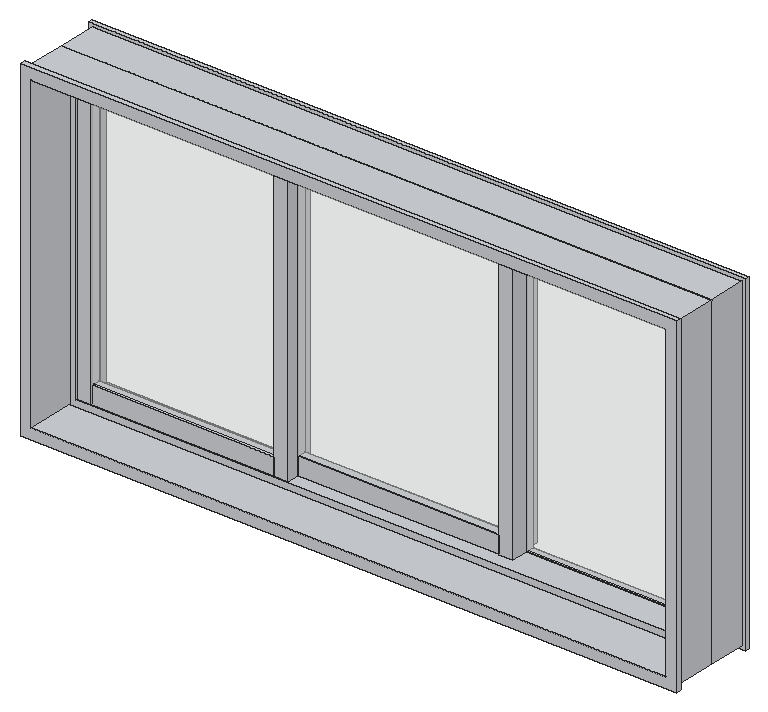
Revit family "APL Residential Thermal Heart Sliding Window SSF", category Windows, host Wall, Revit 2017 (continued)
Definition of nested family "APL Residential Thermal Heart Sliding Window SSF Vertical Section"
  Definition of nested family "Three Panel Sill"
    Definition of nested family "65460_Door Top And Window Rail"
      Lines and regions (mm)
        detail lines, in view "Ref. Level"
          curve 179: arc (6.782, 19, 0) -> (6.553, 19.072, 0) -> (6.406, 19.263, 0) r 0.4
          curve 180: arc (5.518, 21.702, 0) -> (5.407, 21.847, 0) -> (5.232, 21.9, 0) r 0.3
          curve 181: arc (5.232, 21.9, 0) -> (4.917, 21.86, 0) -> (4.623, 21.738, 0) r 1.2
          curve 182: arc (3.095, 20.854, 0) -> (2.998, 20.813, 0) -> (2.895, 20.8, 0) r 0.4
          curve 183: arc (2.602, 20.8, 0) -> (2.319, 20.917, 0) -> (2.202, 21.2, 0) r 0.4
          curve 184: line (2.602, 25, 0) -> (2.895, 25, 0)
          curve 185: line (3.095, 24.946, 0) -> (4.623, 24.061, 0)
          curve 186: line (5.224, 23.9, 0) -> (6.147, 23.9, 0)
          curve 187: line (7.086, 23.242, 0) -> (7.879, 21.063, 0)
          curve 188: line (8.255, 20.8, 0) -> (10.949, 20.8, 0)
          curve 189: line (11.325, 21.063, 0) -> (12.118, 23.242, 0)
          curve 190: line (13.057, 23.9, 0) -> (13.98, 23.9, 0)
          curve 191: line (14.581, 24.061, 0) -> (16.109, 24.946, 0)
          curve 192: line (16.309, 25, 0) -> (16.602, 25, 0)
          curve 193: line (17.002, 24.6, 0) -> (17.002, 21.2, 0)
          curve 194: line (16.602, 20.8, 0) -> (16.309, 20.8, 0)
          curve 195: line (16.109, 20.854, 0) -> (14.581, 21.738, 0)
          curve 196: line (13.686, 21.702, 0) -> (12.798, 19.263, 0)
          curve 197: line (12.422, 19, 0) -> (6.782, 19, 0)
          curve 198: line (6.406, 19.263, 0) -> (5.518, 21.702, 0)
          curve 199: line (4.623, 21.738, 0) -> (3.095, 20.854, 0)
          curve 200: line (2.895, 20.8, 0) -> (2.602, 20.8, 0)
          curve 201: line (2.202, 21.2, 0) -> (2.202, 24.6, 0)
          curve 202: arc (2.402, 7.33, 0) -> (2.261, 7.271, 0) -> (2.202, 7.13, 0) r 0.2
          curve 203: arc (2.202, 6.53, 0) -> (2.143, 6.388, 0) -> (2.002, 6.33, 0) r 0.2
          curve 204: arc (1.6, 6.33, 0) -> (1.459, 6.388, 0) -> (1.4, 6.53, 0) r 0.2
          curve 205: arc (1.644, 18.06, 0) -> (1.956, 18.728, 0) -> (2.642, 19, 0) r 1
          curve 206: arc (3.119, 19, 0) -> (3.424, 19.199, 0) -> (3.697, 18.957, 0) r 0.3
          curve 207: arc (3.697, 18.957, 0) -> (3.763, 18.819, 0) -> (3.889, 18.731, 0) r 0.3
          curve 208: arc (5.299, 18.218, 0) -> (5.585, 18.262, 0) -> (5.701, 18.526, 0) r 0.3
          curve 209: arc (5.494, 20.891, 0) -> (5.467, 20.992, 0) -> (5.407, 21.077, 0) r 0.3
          curve 210: arc (5.043, 21.441, 0) -> (4.85, 21.493, 0) -> (4.709, 21.352, 0) r 0.2
          curve 211: arc (4.664, 21.184, 0) -> (4.612, 21.095, 0) -> (4.523, 21.043, 0) r 0.2
          curve 212: arc (2.302, 20.5, 0) -> (2.022, 20.693, 0) -> (2.102, 21.023, 0) r 0.3
          curve 213: arc (2.102, 21.023, 0) -> (2.176, 21.125, 0) -> (2.202, 21.247, 0) r 0.3
          curve 214: arc (2.008, 25.25, 0) -> (2.044, 25.422, 0) -> (2.202, 25.5, 0) r 0.2
          curve 215: arc (2.722, 25.5, 0) -> (2.804, 25.489, 0) -> (2.879, 25.456, 0) r 0.3
          curve 216: arc (4.133, 24.691, 0) -> (4.13, 24.521, 0) -> (4.236, 24.388, 0) r 0.25
          curve 217: arc (4.322, 24.336, 0) -> (4.574, 24.332, 0) -> (4.702, 24.55, 0) r 0.25
          curve 218: arc (4.702, 26.696, 0) -> (4.676, 26.794, 0) -> (4.606, 26.867, 0) r 0.2
          curve 219: arc (2.725, 28.015, 0) -> (2.629, 28.186, 0) -> (2.725, 28.357, 0) r 0.2
          curve 220: arc (4.606, 29.505, 0) -> (4.676, 29.578, 0) -> (4.702, 29.676, 0) r 0.2
          curve 221: arc (4.702, 31.7, 0) -> (4.575, 31.918, 0) -> (4.322, 31.914, 0) r 0.25
          curve 222: arc (4.236, 31.861, 0) -> (4.13, 31.729, 0) -> (4.133, 31.559, 0) r 0.25
          curve 223: arc (2.879, 30.794, 0) -> (2.804, 30.761, 0) -> (2.723, 30.75, 0) r 0.3
          curve 224: arc (2.202, 30.75, 0) -> (2.044, 30.828, 0) -> (2.008, 31, 0) r 0.2
          curve 225: arc (2.202, 35.003, 0) -> (2.176, 35.125, 0) -> (2.102, 35.227, 0) r 0.3
          curve 226: arc (2.102, 35.227, 0) -> (2.022, 35.557, 0) -> (2.302, 35.75, 0) r 0.3
          curve 227: arc (4.523, 35.207, 0) -> (4.612, 35.155, 0) -> (4.664, 35.066, 0) r 0.2
          curve 228: arc (4.709, 34.898, 0) -> (4.85, 34.757, 0) -> (5.043, 34.809, 0) r 0.2
          curve 229: arc (5.407, 35.173, 0) -> (5.467, 35.258, 0) -> (5.494, 35.359, 0) r 0.3
          curve 230: arc (5.701, 37.724, 0) -> (5.585, 37.988, 0) -> (5.299, 38.032, 0) r 0.3
          curve 231: arc (3.889, 37.519, 0) -> (3.763, 37.431, 0) -> (3.697, 37.293, 0) r 0.3
          curve 232: arc (3.697, 37.293, 0) -> (3.424, 37.051, 0) -> (3.119, 37.25, 0) r 0.3
          curve 233: arc (2.3, 37.25, 0) -> (1.946, 37.397, 0) -> (1.8, 37.75, 0) r 0.5
          curve 234: arc (1.8, 41.053, 0) -> (1.86, 41.193, 0) -> (2, 41.25, 0) r 0.2
          curve 235: arc (3, 41.25, 0) -> (3.141, 41.309, 0) -> (3.2, 41.45, 0) r 0.2
          curve 236: arc (3.2, 42.55, 0) -> (3.141, 42.692, 0) -> (3, 42.75, 0) r 0.2
          curve 237: arc (2, 42.75, 0) -> (1.86, 42.808, 0) -> (1.8, 42.947, 0) r 0.2
          curve 238: arc (1.8, 56.053, 0) -> (1.86, 56.193, 0) -> (2, 56.25, 0) r 0.2
          curve 239: arc (3, 56.25, 0) -> (3.141, 56.309, 0) -> (3.2, 56.45, 0) r 0.2
          curve 240: arc (3.2, 57.55, 0) -> (3.141, 57.692, 0) -> (3, 57.75, 0) r 0.2
          curve 241: arc (2, 57.75, 0) -> (1.86, 57.808, 0) -> (1.8, 57.947, 0) r 0.2
          curve 242: arc (1.8, 71.8, 0) -> (1.741, 71.942, 0) -> (1.6, 72, 0) r 0.2
          curve 243: arc (0.5, 72, 0) -> (0.146, 71.854, 0) -> (0, 71.5, 0) r 0.5
          curve 244: arc (0, 0.2, 0) -> (0.059, 0.058, 0) -> (0.2, 0, 0) r 0.2
          curve 245: arc (3.002, 0, 0) -> (3.143, 0.058, 0) -> (3.202, 0.2, 0) r 0.2
          curve 246: arc (3.202, 1.63, 0) -> (3.143, 1.771, 0) -> (3.002, 1.83, 0) r 0.2
          curve 247: arc (2.402, 1.83, 0) -> (2.261, 1.771, 0) -> (2.202, 1.63, 0) r 0.2
          curve 248: arc (2.202, 1.28, 0) -> (2.143, 1.138, 0) -> (2.002, 1.08, 0) r 0.2
          curve 249: arc (1.402, 1.08, 0) -> (1.261, 1.138, 0) -> (1.202, 1.28, 0) r 0.2
          curve 250: arc (1.202, 4.38, 0) -> (1.261, 4.521, 0) -> (1.402, 4.58, 0) r 0.2
          curve 251: arc (2.002, 4.58, 0) -> (2.143, 4.521, 0) -> (2.202, 4.38, 0) r 0.2
          curve 252: arc (2.202, 4.03, 0) -> (2.261, 3.888, 0) -> (2.402, 3.83, 0) r 0.2
          curve 253: arc (3.002, 3.83, 0) -> (3.143, 3.888, 0) -> (3.202, 4.03, 0) r 0.2
          curve 254: line (3.002, 7.33, 0) -> (2.402, 7.33, 0)
          curve 255: line (2.202, 7.13, 0) -> (2.202, 6.53, 0)
          curve 256: line (2.002, 6.33, 0) -> (1.6, 6.33, 0)
          curve 257: line (1.4, 6.53, 0) -> (1.4, 14, 0)
          curve 258: line (1.4, 14, 0) -> (1.644, 18.06, 0)
          curve 259: line (2.642, 19, 0) -> (3.119, 19, 0)
          curve 260: line (3.889, 18.731, 0) -> (5.299, 18.218, 0)
          curve 261: line (5.701, 18.526, 0) -> (5.494, 20.891, 0)
          curve 262: line (5.407, 21.077, 0) -> (5.043, 21.441, 0)
          curve 263: line (4.709, 21.352, 0) -> (4.664, 21.184, 0)
          curve 264: line (4.523, 21.043, 0) -> (2.534, 20.51, 0)
          curve 265: line (2.202, 21.247, 0) -> (2.202, 24.474, 0)
          curve 266: line (2.196, 24.524, 0) -> (2.008, 25.25, 0)
          curve 267: line (2.202, 25.5, 0) -> (2.722, 25.5, 0)
          curve 268: line (2.879, 25.456, 0) -> (4.133, 24.691, 0)
          curve 269: line (4.702, 24.55, 0) -> (4.702, 26.696, 0)
          curve 270: line (4.606, 26.867, 0) -> (2.725, 28.015, 0)
          curve 271: line (2.725, 28.357, 0) -> (4.606, 29.505, 0)
          curve 272: line (4.702, 29.676, 0) -> (4.702, 31.7, 0)
          curve 273: line (4.133, 31.559, 0) -> (2.879, 30.794, 0)
          curve 274: line (2.723, 30.75, 0) -> (2.202, 30.75, 0)
          curve 275: line (2.008, 31, 0) -> (2.196, 31.726, 0)
          curve 276: line (2.202, 31.776, 0) -> (2.202, 35.003, 0)
          curve 277: line (2.534, 35.74, 0) -> (4.523, 35.207, 0)
          curve 278: line (4.664, 35.066, 0) -> (4.709, 34.898, 0)
          curve 279: line (5.043, 34.809, 0) -> (5.407, 35.173, 0)
          curve 280: line (5.494, 35.359, 0) -> (5.701, 37.724, 0)
          curve 281: line (5.299, 38.032, 0) -> (3.889, 37.519, 0)
          curve 282: line (3.119, 37.25, 0) -> (2.3, 37.25, 0)
          curve 283: line (1.8, 37.75, 0) -> (1.8, 41.053, 0)
          curve 284: line (2, 41.25, 0) -> (3, 41.25, 0)
          curve 285: line (3.2, 41.45, 0) -> (3.2, 42.55, 0)
          curve 286: line (3, 42.75, 0) -> (2, 42.75, 0)
          curve 287: line (1.8, 42.947, 0) -> (1.8, 56.053, 0)
          curve 288: line (2, 56.25, 0) -> (3, 56.25, 0)
          curve 289: line (3.2, 56.45, 0) -> (3.2, 57.55, 0)
          curve 290: line (3, 57.75, 0) -> (2, 57.75, 0)
          curve 291: line (1.8, 57.947, 0) -> (1.8, 71.8, 0)
          curve 292: line (1.6, 72, 0) -> (0.5, 72, 0)
          curve 293: line (0, 71.5, 0) -> (0, 0.2, 0)
          curve 294: line (0.2, 0, 0) -> (3.002, 0, 0)
          curve 295: line (3.202, 0.2, 0) -> (3.202, 1.63, 0)
          curve 296: line (3.002, 1.83, 0) -> (2.402, 1.83, 0)
          curve 297: line (2.202, 1.63, 0) -> (2.202, 1.28, 0)
          curve 298: line (2.002, 1.08, 0) -> (1.402, 1.08, 0)
          curve 299: line (1.202, 1.28, 0) -> (1.202, 4.38, 0)
          curve 300: line (1.402, 4.58, 0) -> (2.002, 4.58, 0)
          curve 301: line (2.202, 4.38, 0) -> (2.202, 4.03, 0)
          curve 302: line (2.402, 3.83, 0) -> (3.002, 3.83, 0)
          curve 303: line (3.202, 4.03, 0) -> (3.202, 7.13, 0)
          curve 304: arc (3.202, 7.13, 0) -> (3.143, 7.271, 0) -> (3.002, 7.33, 0) r 0.2
      Text (mm)
        text "65460" at (7.711, 85.3, 0), in view "Ref. Level"
  Definition of nested family "Three Panel Head"
    Parameters (values of type "Three Panel Head")
      Threshold = yes
      Seal = yes
    Reference planes
      plane 1 "Center (Front/Back)": y = 0
      plane 2: z = 0
      plane 3 "Center (Left/Right)": x = 0
    Lines and regions (mm)
      detail lines, in view "Ref. Level", visible <- "Seal"
        curve 1: arc (40.782, -34.147, 0) -> (40.472, -34.007, 0) -> (40.309, -34.306, 0) r 0.25
        curve 2: arc (40.336, -44.194, 0) -> (40.498, -44.493, 0) -> (40.808, -44.353, 0) r 0.25
        curve 3: line (40.309, -34.306, 0) -> (41.303, -38.173, 0)
        curve 4: line (41.303, -38.173, 0) -> (40.3, -38.753, 0)
        curve 5: line (40.3, -38.753, 0) -> (40.3, -39.753, 0)
        curve 6: line (40.3, -39.753, 0) -> (41.325, -40.344, 0)
        curve 7: line (41.325, -40.344, 0) -> (40.336, -44.194, 0)
        curve 8: line (40.808, -44.353, 0) -> (42.532, -40.253, 0)
        curve 9: line (42.532, -40.253, 0) -> (43.8, -40.253, 0)
        curve 10: line (43.8, -40.253, 0) -> (43.8, -41.503, 0)
        curve 11: line (43.8, -41.503, 0) -> (44.8, -41.503, 0)
        curve 12: line (44.8, -41.503, 0) -> (44.8, -37.003, 0)
        curve 13: line (44.8, -37.003, 0) -> (43.8, -37.003, 0)
        curve 14: line (43.8, -37.003, 0) -> (43.8, -38.253, 0)
        curve 15: line (43.8, -38.253, 0) -> (42.508, -38.253, 0)
        curve 16: line (42.508, -38.253, 0) -> (40.782, -34.147, 0)
      detail lines, in view "Ref. Level", visible <- "Seal", not visible
        curve 17: arc (40.782, -34.147, 0) -> (40.472, -34.007, 0) -> (40.309, -34.306, 0) r 0.25
        curve 18: arc (40.336, -44.194, 0) -> (40.498, -44.493, 0) -> (40.808, -44.353, 0) r 0.25
        curve 19: line (40.309, -34.306, 0) -> (41.303, -38.173, 0)
        curve 20: line (41.303, -38.173, 0) -> (40.3, -38.753, 0)
        curve 21: line (40.3, -38.753, 0) -> (40.3, -39.753, 0)
        curve 22: line (40.3, -39.753, 0) -> (41.325, -40.344, 0)
        curve 23: line (41.325, -40.344, 0) -> (40.336, -44.194, 0)
        curve 24: line (40.808, -44.353, 0) -> (42.532, -40.253, 0)
        curve 25: line (42.532, -40.253, 0) -> (43.8, -40.253, 0)
        curve 26: line (43.8, -40.253, 0) -> (43.8, -41.503, 0)
        curve 27: line (43.8, -41.503, 0) -> (44.8, -41.503, 0)
        curve 28: line (44.8, -41.503, 0) -> (44.8, -37.003, 0)
        curve 29: line (44.8, -37.003, 0) -> (43.8, -37.003, 0)
        curve 30: line (43.8, -37.003, 0) -> (43.8, -38.253, 0)
        curve 31: line (43.8, -38.253, 0) -> (42.508, -38.253, 0)
        curve 32: line (42.508, -38.253, 0) -> (40.782, -34.147, 0)
      detail lines, in view "Ref. Level"
        curve 33: line (74.15, -41.439, 0) -> (68.4, -39.899, 0)
        curve 34: line (69.861, -40.29, 0) -> (74.15, -40.29, 0)
        curve 35: line (68.4, -39.45, 0) -> (74.15, -39.45, 0)
        curve 36: line (68.4, -38.61, 0) -> (74.15, -38.61, 0)
        curve 37: line (68.4, -37.69, 0) -> (74.15, -37.69, 0)
        curve 38: line (68.4, -36.85, 0) -> (74.15, -36.85, 0)
        curve 39: line (69.861, -36.01, 0) -> (74.15, -36.01, 0)
        curve 40: line (68.4, -36.401, 0) -> (74.15, -34.861, 0)
        curve 41: line (68.15, -41.6, 0) -> (68.15, -34.7, 0)
        curve 42: line (68.4, -34.7, 0) -> (68.4, -41.6, 0)
        curve 43: line (68.4, -41.6, 0) -> (67.9, -41.6, 0)
        curve 44: line (67.9, -41.6, 0) -> (67.9, -34.7, 0)
        curve 45: line (67.9, -34.7, 0) -> (68.4, -34.7, 0)
        curve 59: line (106.45, -41.439, 0) -> (112.2, -39.899, 0)
        curve 60: line (110.739, -40.29, 0) -> (106.45, -40.29, 0)
        curve 61: line (112.2, -39.45, 0) -> (106.45, -39.45, 0)
        curve 62: line (112.2, -38.61, 0) -> (106.45, -38.61, 0)
        curve 63: line (112.2, -37.69, 0) -> (106.45, -37.69, 0)
        curve 64: line (112.2, -36.85, 0) -> (106.45, -36.85, 0)
        curve 65: line (110.739, -36.01, 0) -> (106.45, -36.01, 0)
        curve 66: line (112.2, -36.401, 0) -> (106.45, -34.861, 0)
        curve 67: line (112.45, -41.6, 0) -> (112.45, -34.7, 0)
        curve 68: line (112.2, -34.7, 0) -> (112.2, -41.6, 0)
        curve 69: line (112.2, -41.6, 0) -> (112.7, -41.6, 0)
        curve 70: line (112.7, -41.6, 0) -> (112.7, -34.7, 0)
        curve 71: line (112.7, -34.7, 0) -> (112.2, -34.7, 0)
        curve 72: line (120.55, -41.439, 0) -> (114.8, -39.899, 0)
        curve 73: line (116.261, -40.29, 0) -> (120.55, -40.29, 0)
        curve 74: line (114.8, -39.45, 0) -> (120.55, -39.45, 0)
        curve 75: line (114.8, -38.61, 0) -> (120.55, -38.61, 0)
        curve 76: line (114.8, -37.69, 0) -> (120.55, -37.69, 0)
        curve 77: line (114.8, -36.85, 0) -> (120.55, -36.85, 0)
        curve 78: line (116.261, -36.01, 0) -> (120.55, -36.01, 0)
        curve 79: line (114.8, -36.401, 0) -> (120.55, -34.861, 0)
        curve 80: line (114.55, -41.6, 0) -> (114.55, -34.7, 0)
        curve 81: line (114.8, -34.7, 0) -> (114.8, -41.6, 0)
        curve 82: line (114.8, -41.6, 0) -> (114.3, -41.6, 0)
        curve 83: line (114.3, -41.6, 0) -> (114.3, -34.7, 0)
        curve 84: line (114.3, -34.7, 0) -> (114.8, -34.7, 0)
        curve 85: line (152.85, -41.439, 0) -> (158.6, -39.899, 0)
        curve 86: line (157.139, -40.29, 0) -> (152.85, -40.29, 0)
        curve 87: line (158.6, -39.45, 0) -> (152.85, -39.45, 0)
        curve 88: line (158.6, -38.61, 0) -> (152.85, -38.61, 0)
        curve 89: line (158.6, -37.69, 0) -> (152.85, -37.69, 0)
        curve 90: line (158.6, -36.85, 0) -> (152.85, -36.85, 0)
        curve 91: line (157.139, -36.01, 0) -> (152.85, -36.01, 0)
        curve 92: line (158.6, -36.401, 0) -> (152.85, -34.861, 0)
        curve 93: line (158.85, -41.6, 0) -> (158.85, -34.7, 0)
        curve 94: line (158.6, -34.7, 0) -> (158.6, -41.6, 0)
        curve 95: line (158.6, -41.6, 0) -> (159.1, -41.6, 0)
        curve 96: line (159.1, -41.6, 0) -> (159.1, -34.7, 0)
        curve 97: line (159.1, -34.7, 0) -> (158.6, -34.7, 0)
      detail lines, in view "Ref. Level", not visible
        curve 46: line (101.764, -41.439, 0) -> (107.514, -39.899, 0)
        curve 47: line (106.053, -40.29, 0) -> (101.764, -40.29, 0)
        curve 48: line (107.514, -39.45, 0) -> (101.764, -39.45, 0)
        curve 49: line (107.514, -38.61, 0) -> (101.764, -38.61, 0)
        curve 50: line (107.514, -37.69, 0) -> (101.764, -37.69, 0)
        curve 51: line (107.514, -36.85, 0) -> (101.764, -36.85, 0)
        curve 52: line (106.053, -36.01, 0) -> (101.764, -36.01, 0)
        curve 53: line (107.514, -36.401, 0) -> (101.764, -34.861, 0)
        curve 54: line (107.764, -41.6, 0) -> (107.764, -34.7, 0)
        curve 55: line (107.514, -34.7, 0) -> (107.514, -41.6, 0)
        curve 56: line (107.514, -41.6, 0) -> (108.014, -41.6, 0)
        curve 57: line (108.014, -41.6, 0) -> (108.014, -34.7, 0)
        curve 58: line (108.014, -34.7, 0) -> (107.514, -34.7, 0)
    Nested families
      nested 1: "65460_Door Top And Window Rail" at (74, -105, 0), type "65460_Door Top And Window Rail", in view "Ref. Level"
      nested 2: "65410_Frame" at (0, -24, 0), type "65410_Frame", in view "Ref. Level"
      nested 3: "65460_Door Top And Window Rail" at (120.4, -105, 0), type "65460_Door Top And Window Rail", in view "Ref. Level"
    Definition of nested family "65460_Door Top And Window Rail"
      Reference planes
        plane 1 "Center (Front/Back)": y = 0
        plane 2: z = 0
        plane 3 "Center (Left/Right)": x = 0
      Lines and regions (mm)
        detail lines, in view "Ref. Level"
          curve 1: arc (20.155, 25.72, 0) -> (19.65, 25.078, 0) -> (19.29, 24.346, 0) r 3.9
          curve 2: arc (19.29, 24.346, 0) -> (19.067, 24.218, 0) -> (18.902, 24.415, 0) r 0.2
          curve 3: arc (18.902, 31.835, 0) -> (19.067, 32.032, 0) -> (19.29, 31.904, 0) r 0.2
          curve 4: arc (19.29, 31.904, 0) -> (19.65, 31.172, 0) -> (20.155, 30.53, 0) r 3.9
          curve 5: arc (20.155, 30.53, 0) -> (21.428, 30.513, 0) -> (21.445, 31.786, 0) r 0.9
          curve 6: arc (21.445, 31.786, 0) -> (20.85, 33.25, 0) -> (21.445, 34.715, 0) r 2.1
          curve 7: arc (21.445, 34.715, 0) -> (21.57, 34.877, 0) -> (21.656, 35.064, 0) r 0.9
          curve 8: arc (21.656, 35.064, 0) -> (21.753, 35.236, 0) -> (21.91, 35.358, 0) r 0.5
          curve 9: arc (21.91, 35.358, 0) -> (22.95, 35.6, 0) -> (23.99, 35.358, 0) r 2.35
          curve 10: arc (23.99, 35.358, 0) -> (24.147, 35.236, 0) -> (24.244, 35.064, 0) r 0.5
          curve 11: arc (24.244, 35.064, 0) -> (24.33, 34.877, 0) -> (24.455, 34.715, 0) r 0.9
          curve 12: arc (24.455, 34.715, 0) -> (25.05, 33.25, 0) -> (24.455, 31.786, 0) r 2.1
          curve 13: arc (24.455, 31.786, 0) -> (24.472, 30.513, 0) -> (25.745, 30.53, 0) r 0.9
          curve 14: arc (25.745, 30.53, 0) -> (26.799, 32.619, 0) -> (26.468, 34.934, 0) r 3.9
          curve 15: arc (26.468, 34.934, 0) -> (26.496, 35.417, 0) -> (26.919, 35.65, 0) r 0.5
          curve 16: arc (31.08, 35.65, 0) -> (31.402, 35.533, 0) -> (31.572, 35.236, 0) r 0.5
          curve 17: arc (31.572, 21.014, 0) -> (31.402, 20.717, 0) -> (31.08, 20.6, 0) r 0.5
          curve 18: arc (26.919, 20.6, 0) -> (26.496, 20.834, 0) -> (26.468, 21.316, 0) r 0.5
          curve 19: arc (26.468, 21.316, 0) -> (26.799, 23.631, 0) -> (25.745, 25.72, 0) r 3.9
          curve 20: arc (25.745, 25.72, 0) -> (24.472, 25.737, 0) -> (24.455, 24.464, 0) r 0.9
          curve 21: arc (24.455, 24.464, 0) -> (25.05, 23, 0) -> (24.455, 21.535, 0) r 2.1
          curve 22: arc (24.455, 21.535, 0) -> (24.33, 21.373, 0) -> (24.244, 21.186, 0) r 0.9
          curve 23: arc (24.244, 21.186, 0) -> (24.147, 21.014, 0) -> (23.99, 20.892, 0) r 0.5
          curve 24: arc (23.99, 20.892, 0) -> (22.95, 20.65, 0) -> (21.91, 20.892, 0) r 2.35
          curve 25: arc (21.91, 20.892, 0) -> (21.753, 21.014, 0) -> (21.656, 21.186, 0) r 0.5
          curve 26: arc (21.656, 21.186, 0) -> (21.57, 21.373, 0) -> (21.445, 21.535, 0) r 0.9
          curve 27: arc (21.445, 21.535, 0) -> (20.85, 23, 0) -> (21.445, 24.464, 0) r 2.1
          curve 28: arc (21.445, 24.464, 0) -> (21.428, 25.737, 0) -> (20.155, 25.72, 0) r 0.9
          curve 29: arc (17.002, 21.247, 0) -> (17.028, 21.125, 0) -> (17.102, 21.023, 0) r 0.3
          curve 30: arc (17.102, 21.023, 0) -> (17.182, 20.693, 0) -> (16.902, 20.5, 0) r 0.3
          curve 31: arc (14.681, 21.043, 0) -> (14.592, 21.095, 0) -> (14.54, 21.184, 0) r 0.2
          curve 32: arc (14.495, 21.352, 0) -> (14.354, 21.493, 0) -> (14.161, 21.441, 0) r 0.2
          curve 33: arc (13.797, 21.077, 0) -> (13.737, 20.992, 0) -> (13.71, 20.891, 0) r 0.3
          curve 34: arc (13.503, 18.526, 0) -> (13.619, 18.262, 0) -> (13.905, 18.218, 0) r 0.3
          curve 35: arc (15.315, 18.731, 0) -> (15.441, 18.819, 0) -> (15.507, 18.957, 0) r 0.3
          curve 36: arc (15.507, 18.957, 0) -> (15.78, 19.199, 0) -> (16.085, 19, 0) r 0.3
          curve 37: arc (31.1, 19, 0) -> (31.414, 18.904, 0) -> (31.601, 18.633, 0) r 0.5
          curve 38: arc (32.601, 3.535, 0) -> (32.523, 3.377, 0) -> (32.349, 3.342, 0) r 0.2
          curve 39: arc (31.453, 3.583, 0) -> (31.279, 3.548, 0) -> (31.201, 3.389, 0) r 0.2
          curve 40: arc (31.439, 1.205, 0) -> (31.508, 1.087, 0) -> (31.636, 1.04, 0) r 0.2
          curve 41: arc (32.901, 0.203, 0) -> (32.959, 0.06, 0) -> (33.101, 0, 0) r 0.2
          curve 42: arc (33.8, 0, 0) -> (33.941, 0.059, 0) -> (34, 0.2, 0) r 0.2
          curve 43: arc (34, 71.5, 0) -> (33.854, 71.854, 0) -> (33.5, 72, 0) r 0.5
          curve 44: arc (32.4, 72, 0) -> (32.259, 71.942, 0) -> (32.2, 71.8, 0) r 0.2
          curve 45: arc (32.2, 57.95, 0) -> (32.141, 57.809, 0) -> (32, 57.75, 0) r 0.2
          curve 46: arc (29.4, 57.75, 0) -> (29.259, 57.692, 0) -> (29.2, 57.55, 0) r 0.2
          curve 47: arc (29.2, 56.45, 0) -> (29.259, 56.309, 0) -> (29.4, 56.25, 0) r 0.2
          curve 48: arc (32, 56.25, 0) -> (32.141, 56.192, 0) -> (32.2, 56.05, 0) r 0.2
          curve 49: arc (32.2, 42.95, 0) -> (32.141, 42.809, 0) -> (32, 42.75, 0) r 0.2
          curve 50: arc (29.4, 42.75, 0) -> (29.259, 42.692, 0) -> (29.2, 42.55, 0) r 0.2
          curve 51: arc (29.2, 41.45, 0) -> (29.259, 41.309, 0) -> (29.4, 41.25, 0) r 0.2
          curve 52: arc (32, 41.25, 0) -> (32.141, 41.192, 0) -> (32.2, 41.05, 0) r 0.2
          curve 53: arc (31.601, 37.618, 0) -> (31.422, 37.352, 0) -> (31.119, 37.25, 0) r 0.5
          curve 54: arc (16.085, 37.25, 0) -> (15.78, 37.051, 0) -> (15.507, 37.293, 0) r 0.3
          curve 55: arc (15.507, 37.293, 0) -> (15.441, 37.431, 0) -> (15.315, 37.519, 0) r 0.3
          curve 56: arc (13.905, 38.032, 0) -> (13.619, 37.988, 0) -> (13.503, 37.724, 0) r 0.3
          curve 57: arc (13.71, 35.359, 0) -> (13.737, 35.258, 0) -> (13.797, 35.173, 0) r 0.3
          curve 58: arc (14.161, 34.809, 0) -> (14.354, 34.757, 0) -> (14.495, 34.898, 0) r 0.2
          curve 59: arc (14.54, 35.066, 0) -> (14.592, 35.155, 0) -> (14.681, 35.207, 0) r 0.2
          curve 60: arc (16.902, 35.75, 0) -> (17.182, 35.557, 0) -> (17.102, 35.227, 0) r 0.3
          curve 61: arc (17.102, 35.227, 0) -> (17.028, 35.125, 0) -> (17.002, 35.003, 0) r 0.3
          curve 62: arc (17.196, 31, 0) -> (17.16, 30.828, 0) -> (17.002, 30.75, 0) r 0.2
          curve 63: arc (16.482, 30.75, 0) -> (16.4, 30.761, 0) -> (16.325, 30.794, 0) r 0.3
          curve 64: arc (15.071, 31.559, 0) -> (15.074, 31.729, 0) -> (14.968, 31.861, 0) r 0.25
          curve 65: arc (14.882, 31.914, 0) -> (14.63, 31.918, 0) -> (14.502, 31.7, 0) r 0.25
          curve 66: arc (14.502, 29.554, 0) -> (14.528, 29.456, 0) -> (14.598, 29.383, 0) r 0.2
          curve 67: arc (16.379, 28.296, 0) -> (16.475, 28.125, 0) -> (16.379, 27.954, 0) r 0.2
          curve 68: arc (14.598, 26.867, 0) -> (14.528, 26.794, 0) -> (14.502, 26.696, 0) r 0.2
          curve 69: arc (14.502, 24.55, 0) -> (14.629, 24.332, 0) -> (14.882, 24.336, 0) r 0.25
          curve 70: arc (14.968, 24.388, 0) -> (15.074, 24.521, 0) -> (15.071, 24.691, 0) r 0.25
          curve 71: arc (16.325, 25.456, 0) -> (16.4, 25.489, 0) -> (16.481, 25.5, 0) r 0.3
          curve 72: line (18.902, 24.415, 0) -> (18.902, 31.835, 0)
          curve 73: line (26.919, 35.65, 0) -> (31.08, 35.65, 0)
          curve 74: line (31.572, 35.236, 0) -> (32.193, 31.693, 0)
          curve 75: line (32.2, 31.607, 0) -> (32.2, 24.643, 0)
          curve 76: line (32.193, 24.557, 0) -> (31.572, 21.014, 0)
          curve 77: line (31.08, 20.6, 0) -> (26.919, 20.6, 0)
          curve 78: line (17.196, 25.25, 0) -> (17.002, 24.5, 0)
          curve 79: line (17.002, 24.474, 0) -> (17.002, 21.247, 0)
          curve 80: line (16.67, 20.51, 0) -> (14.681, 21.043, 0)
          curve 81: line (14.54, 21.184, 0) -> (14.495, 21.352, 0)
          curve 82: line (14.161, 21.441, 0) -> (13.797, 21.077, 0)
          curve 83: line (13.71, 20.891, 0) -> (13.503, 18.526, 0)
          curve 84: line (13.905, 18.218, 0) -> (15.315, 18.731, 0)
          curve 85: line (16.085, 19, 0) -> (31.1, 19, 0)
          curve 86: line (31.601, 18.633, 0) -> (32.583, 15.065, 0)
          curve 87: line (32.601, 14.933, 0) -> (32.601, 3.535, 0)
          curve 88: line (32.349, 3.342, 0) -> (31.453, 3.583, 0)
          curve 89: line (31.201, 3.389, 0) -> (31.201, 2.558, 0)
          curve 90: line (31.201, 2.558, 0) -> (31.439, 1.205, 0)
          curve 91: line (31.636, 1.04, 0) -> (32.901, 1.04, 0)
          curve 92: line (32.901, 1.04, 0) -> (32.901, 0.203, 0)
          curve 93: line (33.101, 0, 0) -> (33.8, 0, 0)
          curve 94: line (34, 0.2, 0) -> (34, 71.5, 0)
          curve 95: line (33.5, 72, 0) -> (32.4, 72, 0)
          curve 96: line (32.2, 71.8, 0) -> (32.2, 57.95, 0)
          curve 97: line (32, 57.75, 0) -> (29.4, 57.75, 0)
          curve 98: line (29.2, 57.55, 0) -> (29.2, 56.45, 0)
          curve 99: line (29.4, 56.25, 0) -> (32, 56.25, 0)
          curve 100: line (32.2, 56.05, 0) -> (32.2, 42.95, 0)
          curve 101: line (32, 42.75, 0) -> (29.4, 42.75, 0)
          curve 102: line (29.2, 42.55, 0) -> (29.2, 41.45, 0)
          curve 103: line (29.4, 41.25, 0) -> (32, 41.25, 0)
          curve 104: line (32.2, 41.05, 0) -> (32.2, 39.861, 0)
          curve 105: line (32.182, 39.728, 0) -> (31.601, 37.618, 0)
          curve 106: line (31.119, 37.25, 0) -> (23.35, 37.25, 0)
          curve 107: line (23.35, 37.25, 0) -> (22.95, 36.85, 0)
          curve 108: line (22.95, 36.85, 0) -> (22.55, 37.25, 0)
          curve 109: line (22.55, 37.25, 0) -> (16.085, 37.25, 0)
          curve 110: line (15.315, 37.519, 0) -> (13.905, 38.032, 0)
          curve 111: line (13.503, 37.724, 0) -> (13.71, 35.359, 0)
          curve 112: line (13.797, 35.173, 0) -> (14.161, 34.809, 0)
          curve 113: line (14.495, 34.898, 0) -> (14.54, 35.066, 0)
          curve 114: line (14.681, 35.207, 0) -> (16.67, 35.74, 0)
          curve 115: line (17.002, 35.003, 0) -> (17.002, 31.776, 0)
          curve 116: line (17.002, 31.75, 0) -> (17.196, 31, 0)
          curve 117: line (17.002, 30.75, 0) -> (16.482, 30.75, 0)
          curve 118: line (16.325, 30.794, 0) -> (15.071, 31.559, 0)
          curve 119: line (14.502, 31.7, 0) -> (14.502, 29.554, 0)
          curve 120: line (14.598, 29.383, 0) -> (16.379, 28.296, 0)
          curve 121: line (16.379, 27.954, 0) -> (14.598, 26.867, 0)
          curve 122: line (14.502, 26.696, 0) -> (14.502, 24.55, 0)
          curve 123: line (15.071, 24.691, 0) -> (16.325, 25.456, 0)
          curve 124: line (16.481, 25.5, 0) -> (17.002, 25.5, 0)
          curve 125: arc (17.002, 25.5, 0) -> (17.16, 25.422, 0) -> (17.196, 25.25, 0) r 0.2
          curve 126: arc (2.202, 31.65, 0) -> (2.319, 31.367, 0) -> (2.602, 31.25, 0) r 0.4
          curve 127: arc (2.895, 31.25, 0) -> (2.998, 31.264, 0) -> (3.095, 31.304, 0) r 0.4
          curve 128: arc (4.623, 32.189, 0) -> (4.913, 32.309, 0) -> (5.224, 32.35, 0) r 1.2
          curve 129: arc (6.147, 32.35, 0) -> (6.72, 32.531, 0) -> (7.086, 33.008, 0) r 1
          curve 130: arc (7.879, 35.187, 0) -> (8.026, 35.378, 0) -> (8.255, 35.45, 0) r 0.4
          curve 131: arc (10.949, 35.45, 0) -> (11.178, 35.378, 0) -> (11.325, 35.187, 0) r 0.4
          curve 132: arc (12.118, 33.008, 0) -> (12.484, 32.531, 0) -> (13.057, 32.35, 0) r 1
          curve 133: arc (13.98, 32.35, 0) -> (14.291, 32.309, 0) -> (14.581, 32.189, 0) r 1.2
          curve 134: arc (16.109, 31.304, 0) -> (16.206, 31.264, 0) -> (16.309, 31.25, 0) r 0.4
          curve 135: arc (16.602, 31.25, 0) -> (16.885, 31.367, 0) -> (17.002, 31.65, 0) r 0.4
          curve 136: arc (17.002, 35.05, 0) -> (16.885, 35.333, 0) -> (16.602, 35.45, 0) r 0.4
          curve 137: arc (16.309, 35.45, 0) -> (16.206, 35.437, 0) -> (16.109, 35.396, 0) r 0.4
          curve 138: arc (14.581, 34.512, 0) -> (14.287, 34.39, 0) -> (13.972, 34.35, 0) r 1.2
          curve 139: arc (13.972, 34.35, 0) -> (13.797, 34.403, 0) -> (13.686, 34.548, 0) r 0.3
          curve 140: arc (12.798, 36.987, 0) -> (12.651, 37.178, 0) -> (12.422, 37.25, 0) r 0.4
          curve 141: arc (6.782, 37.25, 0) -> (6.553, 37.178, 0) -> (6.406, 36.987, 0) r 0.4
          curve 142: arc (5.518, 34.548, 0) -> (5.407, 34.403, 0) -> (5.232, 34.35, 0) r 0.3
          curve 143: arc (5.232, 34.35, 0) -> (4.917, 34.39, 0) -> (4.623, 34.512, 0) r 1.2
          curve 144: arc (3.095, 35.396, 0) -> (2.998, 35.437, 0) -> (2.895, 35.45, 0) r 0.4
          curve 145: arc (2.602, 35.45, 0) -> (2.319, 35.333, 0) -> (2.202, 35.05, 0) r 0.4
          curve 146: line (2.602, 31.25, 0) -> (2.895, 31.25, 0)
          curve 147: line (3.095, 31.304, 0) -> (4.623, 32.189, 0)
          curve 148: line (5.224, 32.35, 0) -> (6.147, 32.35, 0)
          curve 149: line (7.086, 33.008, 0) -> (7.879, 35.187, 0)
          curve 150: line (8.255, 35.45, 0) -> (10.949, 35.45, 0)
          curve 151: line (11.325, 35.187, 0) -> (12.118, 33.008, 0)
          curve 152: line (13.057, 32.35, 0) -> (13.98, 32.35, 0)
          curve 153: line (14.581, 32.189, 0) -> (16.109, 31.304, 0)
          curve 154: line (16.309, 31.25, 0) -> (16.602, 31.25, 0)
          curve 155: line (17.002, 31.65, 0) -> (17.002, 35.05, 0)
          curve 156: line (16.602, 35.45, 0) -> (16.309, 35.45, 0)
          curve 157: line (16.109, 35.396, 0) -> (14.581, 34.512, 0)
          curve 158: line (13.686, 34.548, 0) -> (12.798, 36.987, 0)
          curve 159: line (12.422, 37.25, 0) -> (6.782, 37.25, 0)
          curve 160: line (6.406, 36.987, 0) -> (5.518, 34.548, 0)
          curve 161: line (4.623, 34.512, 0) -> (3.095, 35.396, 0)
          curve 162: line (2.895, 35.45, 0) -> (2.602, 35.45, 0)
          curve 163: line (2.202, 35.05, 0) -> (2.202, 31.65, 0)
          curve 164: arc (2.202, 24.6, 0) -> (2.319, 24.883, 0) -> (2.602, 25, 0) r 0.4
          curve 165: arc (2.895, 25, 0) -> (2.998, 24.986, 0) -> (3.095, 24.946, 0) r 0.4
          curve 166: arc (4.623, 24.061, 0) -> (4.913, 23.941, 0) -> (5.224, 23.9, 0) r 1.2
          curve 167: arc (6.147, 23.9, 0) -> (6.72, 23.719, 0) -> (7.086, 23.242, 0) r 1
          curve 168: arc (7.879, 21.063, 0) -> (8.026, 20.872, 0) -> (8.255, 20.8, 0) r 0.4
          curve 169: arc (10.949, 20.8, 0) -> (11.178, 20.872, 0) -> (11.325, 21.063, 0) r 0.4
          curve 170: arc (12.118, 23.242, 0) -> (12.484, 23.719, 0) -> (13.057, 23.9, 0) r 1
          curve 171: arc (13.98, 23.9, 0) -> (14.291, 23.941, 0) -> (14.581, 24.061, 0) r 1.2
          curve 172: arc (16.109, 24.946, 0) -> (16.206, 24.986, 0) -> (16.309, 25, 0) r 0.4
          curve 173: arc (16.602, 25, 0) -> (16.885, 24.883, 0) -> (17.002, 24.6, 0) r 0.4
          curve 174: arc (17.002, 21.2, 0) -> (16.885, 20.917, 0) -> (16.602, 20.8, 0) r 0.4
          curve 175: arc (16.309, 20.8, 0) -> (16.206, 20.813, 0) -> (16.109, 20.854, 0) r 0.4
          curve 176: arc (14.581, 21.738, 0) -> (14.287, 21.86, 0) -> (13.972, 21.9, 0) r 1.2
          curve 177: arc (13.972, 21.9, 0) -> (13.797, 21.847, 0) -> (13.686, 21.702, 0) r 0.3
          curve 178: arc (12.798, 19.263, 0) -> (12.651, 19.072, 0) -> (12.422, 19, 0) r 0.4
          curve 179: arc (6.782, 19, 0) -> (6.553, 19.072, 0) -> (6.406, 19.263, 0) r 0.4
          curve 180: arc (5.518, 21.702, 0) -> (5.407, 21.847, 0) -> (5.232, 21.9, 0) r 0.3
          curve 181: arc (5.232, 21.9, 0) -> (4.917, 21.86, 0) -> (4.623, 21.738, 0) r 1.2
          curve 182: arc (3.095, 20.854, 0) -> (2.998, 20.813, 0) -> (2.895, 20.8, 0) r 0.4
          curve 183: arc (2.602, 20.8, 0) -> (2.319, 20.917, 0) -> (2.202, 21.2, 0) r 0.4
          curve 184: line (2.602, 25, 0) -> (2.895, 25, 0)
          curve 185: line (3.095, 24.946, 0) -> (4.623, 24.061, 0)
          curve 186: line (5.224, 23.9, 0) -> (6.147, 23.9, 0)
          curve 187: line (7.086, 23.242, 0) -> (7.879, 21.063, 0)
          curve 188: line (8.255, 20.8, 0) -> (10.949, 20.8, 0)
          curve 189: line (11.325, 21.063, 0) -> (12.118, 23.242, 0)
          curve 190: line (13.057, 23.9, 0) -> (13.98, 23.9, 0)
          curve 191: line (14.581, 24.061, 0) -> (16.109, 24.946, 0)
          curve 192: line (16.309, 25, 0) -> (16.602, 25, 0)
          curve 193: line (17.002, 24.6, 0) -> (17.002, 21.2, 0)
          curve 194: line (16.602, 20.8, 0) -> (16.309, 20.8, 0)
          curve 195: line (16.109, 20.854, 0) -> (14.581, 21.738, 0)
          curve 196: line (13.686, 21.702, 0) -> (12.798, 19.263, 0)
          curve 197: line (12.422, 19, 0) -> (6.782, 19, 0)
          curve 198: line (6.406, 19.263, 0) -> (5.518, 21.702, 0)
          curve 199: line (4.623, 21.738, 0) -> (3.095, 20.854, 0)
          curve 200: line (2.895, 20.8, 0) -> (2.602, 20.8, 0)
          curve 201: line (2.202, 21.2, 0) -> (2.202, 24.6, 0)
          curve 202: arc (2.402, 7.33, 0) -> (2.261, 7.271, 0) -> (2.202, 7.13, 0) r 0.2
          curve 203: arc (2.202, 6.53, 0) -> (2.143, 6.388, 0) -> (2.002, 6.33, 0) r 0.2
          curve 204: arc (1.6, 6.33, 0) -> (1.459, 6.388, 0) -> (1.4, 6.53, 0) r 0.2
          curve 205: arc (1.644, 18.06, 0) -> (1.956, 18.728, 0) -> (2.642, 19, 0) r 1
          curve 206: arc (3.119, 19, 0) -> (3.424, 19.199, 0) -> (3.697, 18.957, 0) r 0.3
          curve 207: arc (3.697, 18.957, 0) -> (3.763, 18.819, 0) -> (3.889, 18.731, 0) r 0.3
          curve 208: arc (5.299, 18.218, 0) -> (5.585, 18.262, 0) -> (5.701, 18.526, 0) r 0.3
          curve 209: arc (5.494, 20.891, 0) -> (5.467, 20.992, 0) -> (5.407, 21.077, 0) r 0.3
          curve 210: arc (5.043, 21.441, 0) -> (4.85, 21.493, 0) -> (4.709, 21.352, 0) r 0.2
          curve 211: arc (4.664, 21.184, 0) -> (4.612, 21.095, 0) -> (4.523, 21.043, 0) r 0.2
          curve 212: arc (2.302, 20.5, 0) -> (2.022, 20.693, 0) -> (2.102, 21.023, 0) r 0.3
          curve 213: arc (2.102, 21.023, 0) -> (2.176, 21.125, 0) -> (2.202, 21.247, 0) r 0.3
          curve 214: arc (2.008, 25.25, 0) -> (2.044, 25.422, 0) -> (2.202, 25.5, 0) r 0.2
          curve 215: arc (2.722, 25.5, 0) -> (2.804, 25.489, 0) -> (2.879, 25.456, 0) r 0.3
          curve 216: arc (4.133, 24.691, 0) -> (4.13, 24.521, 0) -> (4.236, 24.388, 0) r 0.25
          curve 217: arc (4.322, 24.336, 0) -> (4.574, 24.332, 0) -> (4.702, 24.55, 0) r 0.25
          curve 218: arc (4.702, 26.696, 0) -> (4.676, 26.794, 0) -> (4.606, 26.867, 0) r 0.2
          curve 219: arc (2.725, 28.015, 0) -> (2.629, 28.186, 0) -> (2.725, 28.357, 0) r 0.2
          curve 220: arc (4.606, 29.505, 0) -> (4.676, 29.578, 0) -> (4.702, 29.676, 0) r 0.2
          curve 221: arc (4.702, 31.7, 0) -> (4.575, 31.918, 0) -> (4.322, 31.914, 0) r 0.25
          curve 222: arc (4.236, 31.861, 0) -> (4.13, 31.729, 0) -> (4.133, 31.559, 0) r 0.25
          curve 223: arc (2.879, 30.794, 0) -> (2.804, 30.761, 0) -> (2.723, 30.75, 0) r 0.3
          curve 224: arc (2.202, 30.75, 0) -> (2.044, 30.828, 0) -> (2.008, 31, 0) r 0.2
          curve 225: arc (2.202, 35.003, 0) -> (2.176, 35.125, 0) -> (2.102, 35.227, 0) r 0.3
          curve 226: arc (2.102, 35.227, 0) -> (2.022, 35.557, 0) -> (2.302, 35.75, 0) r 0.3
          curve 227: arc (4.523, 35.207, 0) -> (4.612, 35.155, 0) -> (4.664, 35.066, 0) r 0.2
          curve 228: arc (4.709, 34.898, 0) -> (4.85, 34.757, 0) -> (5.043, 34.809, 0) r 0.2
          curve 229: arc (5.407, 35.173, 0) -> (5.467, 35.258, 0) -> (5.494, 35.359, 0) r 0.3
          curve 230: arc (5.701, 37.724, 0) -> (5.585, 37.988, 0) -> (5.299, 38.032, 0) r 0.3
          curve 231: arc (3.889, 37.519, 0) -> (3.763, 37.431, 0) -> (3.697, 37.293, 0) r 0.3
          curve 232: arc (3.697, 37.293, 0) -> (3.424, 37.051, 0) -> (3.119, 37.25, 0) r 0.3
          curve 233: arc (2.3, 37.25, 0) -> (1.946, 37.397, 0) -> (1.8, 37.75, 0) r 0.5
          curve 234: arc (1.8, 41.053, 0) -> (1.86, 41.193, 0) -> (2, 41.25, 0) r 0.2
          curve 235: arc (3, 41.25, 0) -> (3.141, 41.309, 0) -> (3.2, 41.45, 0) r 0.2
          curve 236: arc (3.2, 42.55, 0) -> (3.141, 42.692, 0) -> (3, 42.75, 0) r 0.2
          curve 237: arc (2, 42.75, 0) -> (1.86, 42.808, 0) -> (1.8, 42.947, 0) r 0.2
          curve 238: arc (1.8, 56.053, 0) -> (1.86, 56.193, 0) -> (2, 56.25, 0) r 0.2
          curve 239: arc (3, 56.25, 0) -> (3.141, 56.309, 0) -> (3.2, 56.45, 0) r 0.2
          curve 240: arc (3.2, 57.55, 0) -> (3.141, 57.692, 0) -> (3, 57.75, 0) r 0.2
          curve 241: arc (2, 57.75, 0) -> (1.86, 57.808, 0) -> (1.8, 57.947, 0) r 0.2
          curve 242: arc (1.8, 71.8, 0) -> (1.741, 71.942, 0) -> (1.6, 72, 0) r 0.2
          curve 243: arc (0.5, 72, 0) -> (0.146, 71.854, 0) -> (0, 71.5, 0) r 0.5
          curve 244: arc (0, 0.2, 0) -> (0.059, 0.058, 0) -> (0.2, 0, 0) r 0.2
          curve 245: arc (3.002, 0, 0) -> (3.143, 0.058, 0) -> (3.202, 0.2, 0) r 0.2
          curve 246: arc (3.202, 1.63, 0) -> (3.143, 1.771, 0) -> (3.002, 1.83, 0) r 0.2
          curve 247: arc (2.402, 1.83, 0) -> (2.261, 1.771, 0) -> (2.202, 1.63, 0) r 0.2
          curve 248: arc (2.202, 1.28, 0) -> (2.143, 1.138, 0) -> (2.002, 1.08, 0) r 0.2
          curve 249: arc (1.402, 1.08, 0) -> (1.261, 1.138, 0) -> (1.202, 1.28, 0) r 0.2
          curve 250: arc (1.202, 4.38, 0) -> (1.261, 4.521, 0) -> (1.402, 4.58, 0) r 0.2
          curve 251: arc (2.002, 4.58, 0) -> (2.143, 4.521, 0) -> (2.202, 4.38, 0) r 0.2
          curve 252: arc (2.202, 4.03, 0) -> (2.261, 3.888, 0) -> (2.402, 3.83, 0) r 0.2
          curve 253: arc (3.002, 3.83, 0) -> (3.143, 3.888, 0) -> (3.202, 4.03, 0) r 0.2
          curve 254: line (3.002, 7.33, 0) -> (2.402, 7.33, 0)
          curve 255: line (2.202, 7.13, 0) -> (2.202, 6.53, 0)
          curve 256: line (2.002, 6.33, 0) -> (1.6, 6.33, 0)
          curve 257: line (1.4, 6.53, 0) -> (1.4, 14, 0)
          curve 258: line (1.4, 14, 0) -> (1.644, 18.06, 0)
          curve 259: line (2.642, 19, 0) -> (3.119, 19, 0)
          curve 260: line (3.889, 18.731, 0) -> (5.299, 18.218, 0)
          curve 261: line (5.701, 18.526, 0) -> (5.494, 20.891, 0)
          curve 262: line (5.407, 21.077, 0) -> (5.043, 21.441, 0)
          curve 263: line (4.709, 21.352, 0) -> (4.664, 21.184, 0)
          curve 264: line (4.523, 21.043, 0) -> (2.534, 20.51, 0)
          curve 265: line (2.202, 21.247, 0) -> (2.202, 24.474, 0)
          curve 266: line (2.196, 24.524, 0) -> (2.008, 25.25, 0)
          curve 267: line (2.202, 25.5, 0) -> (2.722, 25.5, 0)
          curve 268: line (2.879, 25.456, 0) -> (4.133, 24.691, 0)
          curve 269: line (4.702, 24.55, 0) -> (4.702, 26.696, 0)
          curve 270: line (4.606, 26.867, 0) -> (2.725, 28.015, 0)
          curve 271: line (2.725, 28.357, 0) -> (4.606, 29.505, 0)
          curve 272: line (4.702, 29.676, 0) -> (4.702, 31.7, 0)
          curve 273: line (4.133, 31.559, 0) -> (2.879, 30.794, 0)
          curve 274: line (2.723, 30.75, 0) -> (2.202, 30.75, 0)
          curve 275: line (2.008, 31, 0) -> (2.196, 31.726, 0)
          curve 276: line (2.202, 31.776, 0) -> (2.202, 35.003, 0)
          curve 277: line (2.534, 35.74, 0) -> (4.523, 35.207, 0)
          curve 278: line (4.664, 35.066, 0) -> (4.709, 34.898, 0)
          curve 279: line (5.043, 34.809, 0) -> (5.407, 35.173, 0)
          curve 280: line (5.494, 35.359, 0) -> (5.701, 37.724, 0)
          curve 281: line (5.299, 38.032, 0) -> (3.889, 37.519, 0)
          curve 282: line (3.119, 37.25, 0) -> (2.3, 37.25, 0)
          curve 283: line (1.8, 37.75, 0) -> (1.8, 41.053, 0)
          curve 284: line (2, 41.25, 0) -> (3, 41.25, 0)
          curve 285: line (3.2, 41.45, 0) -> (3.2, 42.55, 0)
          curve 286: line (3, 42.75, 0) -> (2, 42.75, 0)
          curve 287: line (1.8, 42.947, 0) -> (1.8, 56.053, 0)
          curve 288: line (2, 56.25, 0) -> (3, 56.25, 0)
          curve 289: line (3.2, 56.45, 0) -> (3.2, 57.55, 0)
          curve 290: line (3, 57.75, 0) -> (2, 57.75, 0)
          curve 291: line (1.8, 57.947, 0) -> (1.8, 71.8, 0)
          curve 292: line (1.6, 72, 0) -> (0.5, 72, 0)
          curve 293: line (0, 71.5, 0) -> (0, 0.2, 0)
          curve 294: line (0.2, 0, 0) -> (3.002, 0, 0)
          curve 295: line (3.202, 0.2, 0) -> (3.202, 1.63, 0)
          curve 296: line (3.002, 1.83, 0) -> (2.402, 1.83, 0)
          curve 297: line (2.202, 1.63, 0) -> (2.202, 1.28, 0)
          curve 298: line (2.002, 1.08, 0) -> (1.402, 1.08, 0)
          curve 299: line (1.202, 1.28, 0) -> (1.202, 4.38, 0)
          curve 300: line (1.402, 4.58, 0) -> (2.002, 4.58, 0)
          curve 301: line (2.202, 4.38, 0) -> (2.202, 4.03, 0)
          curve 302: line (2.402, 3.83, 0) -> (3.002, 3.83, 0)
          curve 303: line (3.202, 4.03, 0) -> (3.202, 7.13, 0)
          curve 304: arc (3.202, 7.13, 0) -> (3.143, 7.271, 0) -> (3.002, 7.33, 0) r 0.2
      Text (mm)
        text "65460" at (7.711, 85.3, 0), in view "Ref. Level"
    Definition of nested family "65410_Frame"
      Reference planes
        plane 1 "Center (Front/Back)": y = 0
        plane 2: z = 0
        plane 3 "Center (Left/Right)": x = 0
      Lines and regions (mm)
        model lines, in view "Ref. Level"
          curve 1: arc (10.8, -17.502, 0) -> (11.356, -16.157, 0) -> (12.7, -15.6, 0) r 1.9
          curve 2: arc (13.1, -15.6, 0) -> (13.241, -15.541, 0) -> (13.3, -15.4, 0) r 0.2
          curve 3: arc (13.3, -8.6, 0) -> (13.241, -8.459, 0) -> (13.1, -8.4, 0) r 0.2
          curve 4: arc (11, -8.4, 0) -> (10.859, -8.341, 0) -> (10.8, -8.2, 0) r 0.2
          curve 5: arc (10.8, -7.717, 0) -> (10.741, -7.575, 0) -> (10.6, -7.517, 0) r 0.2
          curve 6: arc (1.9, -7.517, 0) -> (1.546, -7.663, 0) -> (1.4, -8.017, 0) r 0.5
          curve 7: arc (1.4, -21.755, 0) -> (1.521, -22.369, 0) -> (1.869, -22.889, 0) r 1.6
          curve 8: arc (6.387, -27.407, 0) -> (6.711, -27.624, 0) -> (7.094, -27.7, 0) r 1
          curve 9: arc (9.8, -27.7, 0) -> (10.507, -27.407, 0) -> (10.8, -26.7, 0) r 1
          curve 10: arc (1.665, -0.379, 0) -> (1.729, -0.478, 0) -> (1.725, -0.597, 0) r 0.2
          curve 11: arc (1.725, -0.597, 0) -> (1.621, -0.766, 0) -> (1.453, -0.873, 0) r 0.45
          curve 12: arc (1.453, -0.873, 0) -> (1.357, -0.948, 0) -> (1.322, -1.064, 0) r 0.2
          curve 13: arc (1.379, -5.919, 0) -> (1.438, -6.059, 0) -> (1.579, -6.117, 0) r 0.2
          curve 14: arc (10.6, -6.117, 0) -> (10.741, -6.058, 0) -> (10.8, -5.917, 0) r 0.2
          curve 15: arc (10.8, -1.828, 0) -> (10.773, -1.728, 0) -> (10.7, -1.655, 0) r 0.2
          curve 16: arc (9.6, -1.02, 0) -> (9.38, -0.8, 0) -> (9.3, -0.5, 0) r 0.6
          curve 17: arc (9.3, -0.2, 0) -> (9.359, -0.059, 0) -> (9.5, 0, 0) r 0.2
          curve 18: arc (13.617, 0, 0) -> (13.922, -0.199, 0) -> (14.195, 0.043, 0) r 0.3
          curve 19: arc (14.195, 0.043, 0) -> (14.261, 0.181, 0) -> (14.387, 0.268, 0) r 0.3
          curve 20: arc (15.797, 0.782, 0) -> (16.083, 0.738, 0) -> (16.199, 0.474, 0) r 0.3
          curve 21: arc (15.992, -1.892, 0) -> (15.965, -1.992, 0) -> (15.905, -2.078, 0) r 0.3
          curve 22: arc (15.541, -2.441, 0) -> (15.348, -2.493, 0) -> (15.207, -2.352, 0) r 0.2
          curve 23: arc (15.162, -2.184, 0) -> (15.11, -2.095, 0) -> (15.021, -2.043, 0) r 0.2
          curve 24: arc (12.8, -1.5, 0) -> (12.52, -1.693, 0) -> (12.6, -2.024, 0) r 0.3
          curve 25: arc (12.6, -2.024, 0) -> (12.674, -2.125, 0) -> (12.7, -2.247, 0) r 0.3
          curve 26: arc (12.506, -6.25, 0) -> (12.542, -6.422, 0) -> (12.7, -6.5, 0) r 0.2
          curve 27: arc (13.221, -6.5, 0) -> (13.302, -6.489, 0) -> (13.377, -6.456, 0) r 0.3
          curve 28: arc (14.631, -5.691, 0) -> (14.628, -5.521, 0) -> (14.734, -5.389, 0) r 0.25
          curve 29: arc (14.82, -5.337, 0) -> (15.072, -5.332, 0) -> (15.2, -5.55, 0) r 0.25
          curve 30: arc (15.2, -15.401, 0) -> (15.259, -15.542, 0) -> (15.4, -15.6, 0) r 0.2
          curve 31: arc (16.479, -15.6, 0) -> (16.643, -15.685, 0) -> (16.667, -15.868, 0) r 0.2
          curve 32: arc (15.775, -18.318, 0) -> (15.702, -18.414, 0) -> (15.587, -18.45, 0) r 0.2
          curve 33: arc (15.353, -18.45, 0) -> (15.248, -18.48, 0) -> (15.174, -18.561, 0) r 0.2
          curve 34: arc (15.174, -18.561, 0) -> (15.019, -18.69, 0) -> (14.82, -18.663, 0) r 0.25
          curve 35: arc (14.734, -18.611, 0) -> (14.628, -18.479, 0) -> (14.631, -18.309, 0) r 0.25
          curve 36: arc (13.377, -17.544, 0) -> (13.302, -17.511, 0) -> (13.221, -17.5, 0) r 0.3
          curve 37: arc (12.7, -17.5, 0) -> (12.542, -17.578, 0) -> (12.506, -17.75, 0) r 0.2
          curve 38: arc (12.7, -21.753, 0) -> (12.674, -21.875, 0) -> (12.6, -21.976, 0) r 0.3
          curve 39: arc (12.6, -21.976, 0) -> (12.52, -22.307, 0) -> (12.8, -22.5, 0) r 0.3
          curve 40: arc (15.021, -21.957, 0) -> (15.11, -21.905, 0) -> (15.162, -21.816, 0) r 0.2
          curve 41: arc (15.207, -21.648, 0) -> (15.348, -21.507, 0) -> (15.541, -21.559, 0) r 0.2
          curve 42: arc (15.905, -21.922, 0) -> (15.965, -22.008, 0) -> (15.992, -22.108, 0) r 0.3
          curve 43: arc (16.199, -24.474, 0) -> (16.083, -24.738, 0) -> (15.797, -24.782, 0) r 0.3
          curve 44: arc (14.387, -24.268, 0) -> (14.261, -24.181, 0) -> (14.195, -24.043, 0) r 0.3
          curve 45: arc (14.195, -24.043, 0) -> (13.922, -23.801, 0) -> (13.617, -24, 0) r 0.3
          curve 46: arc (12.6, -24, 0) -> (12.459, -24.059, 0) -> (12.4, -24.2, 0) r 0.2
          curve 47: arc (12.4, -26.696, 0) -> (11.64, -28.537, 0) -> (9.8, -29.3, 0) r 2.6
          curve 48: arc (7.9, -29.3, 0) -> (7.547, -29.446, 0) -> (7.4, -29.8, 0) r 0.5
          curve 49: arc (7.4, -37.402, 0) -> (7.508, -37.581, 0) -> (7.716, -37.566, 0) r 0.2
          curve 50: arc (7.716, -37.566, 0) -> (8.721, -37.692, 0) -> (8.684, -38.705, 0) r 0.75
          curve 51: arc (8.684, -38.705, 0) -> (8.15, -40.005, 0) -> (8.684, -41.305, 0) r 1.85
          curve 52: arc (8.684, -41.305, 0) -> (8.794, -41.447, 0) -> (8.867, -41.612, 0) r 0.75
          curve 53: arc (8.867, -41.612, 0) -> (8.97, -41.796, 0) -> (9.14, -41.921, 0) r 0.5
          curve 54: arc (9.14, -41.921, 0) -> (10, -42.105, 0) -> (10.86, -41.921, 0) r 2.1
          curve 55: arc (10.86, -41.921, 0) -> (11.03, -41.796, 0) -> (11.133, -41.612, 0) r 0.5
          curve 56: arc (11.133, -41.612, 0) -> (11.206, -41.447, 0) -> (11.316, -41.305, 0) r 0.75
          curve 57: arc (11.316, -41.305, 0) -> (11.85, -40.005, 0) -> (11.316, -38.705, 0) r 1.85
          curve 58: arc (11.316, -38.705, 0) -> (11.323, -37.644, 0) -> (12.384, -37.651, 0) r 0.75
          curve 59: arc (12.384, -37.651, 0) -> (13.348, -39.881, 0) -> (12.551, -42.176, 0) r 3.35
          curve 60: arc (12.551, -42.176, 0) -> (12.478, -42.71, 0) -> (12.932, -43, 0) r 0.5
          curve 61: arc (13.15, -43, 0) -> (13.291, -43.059, 0) -> (13.35, -43.2, 0) r 0.2
          curve 62: arc (13.35, -43.5, 0) -> (13.204, -43.854, 0) -> (12.85, -44, 0) r 0.5
          curve 63: arc (7, -44, 0) -> (6.293, -43.707, 0) -> (6, -43, 0) r 1
          curve 64: arc (6, -30.243, 0) -> (5.772, -29.095, 0) -> (5.121, -28.121, 0) r 3
          curve 65: arc (0.879, -23.879, 0) -> (0.228, -22.905, 0) -> (0, -21.757, 0) r 3
          curve 66: arc (0, -0.2, 0) -> (0.059, -0.059, 0) -> (0.2, 0, 0) r 0.2
          curve 67: line (10.8, -26.7, 0) -> (10.8, -17.502, 0)
          curve 68: line (12.7, -15.6, 0) -> (13.1, -15.6, 0)
          curve 69: line (13.3, -15.4, 0) -> (13.3, -8.6, 0)
          curve 70: line (13.1, -8.4, 0) -> (11, -8.4, 0)
          curve 71: line (10.8, -8.2, 0) -> (10.8, -7.717, 0)
          curve 72: line (10.6, -7.517, 0) -> (1.9, -7.517, 0)
          curve 73: line (1.4, -8.017, 0) -> (1.4, -21.755, 0)
          curve 74: line (1.869, -22.889, 0) -> (6.387, -27.407, 0)
          curve 75: line (7.094, -27.7, 0) -> (9.8, -27.7, 0)
          curve 76: line (1.322, -1.064, 0) -> (1.379, -5.919, 0)
          curve 77: line (1.579, -6.117, 0) -> (10.6, -6.117, 0)
          curve 78: line (10.8, -5.917, 0) -> (10.8, -1.828, 0)
          curve 79: line (10.7, -1.655, 0) -> (9.6, -1.02, 0)
          curve 80: line (9.3, -0.5, 0) -> (9.3, -0.2, 0)
          curve 81: line (9.5, 0, 0) -> (13.617, 0, 0)
          curve 82: line (14.387, 0.268, 0) -> (15.797, 0.782, 0)
          curve 83: line (16.199, 0.474, 0) -> (15.992, -1.892, 0)
          curve 84: line (15.905, -2.078, 0) -> (15.541, -2.441, 0)
          curve 85: line (15.207, -2.352, 0) -> (15.162, -2.184, 0)
          curve 86: line (15.162, -2.184, 0) -> (13.032, -1.51, 0)
          curve 87: line (13.032, -1.51, 0) -> (12.8, -1.5, 0)
          curve 88: line (12.7, -2.247, 0) -> (12.7, -5.475, 0)
          curve 89: line (12.7, -5.475, 0) -> (12.506, -6.25, 0)
          curve 90: line (12.7, -6.5, 0) -> (13.221, -6.5, 0)
          curve 91: line (13.221, -6.5, 0) -> (14.631, -5.691, 0)
          curve 92: line (15.2, -5.55, 0) -> (15.2, -7.126, 0)
          curve 93: line (15.2, -7.126, 0) -> (15.2, -15.401, 0)
          curve 94: line (15.4, -15.6, 0) -> (16.479, -15.6, 0)
          curve 95: line (16.667, -15.868, 0) -> (15.775, -18.318, 0)
          curve 96: line (15.587, -18.45, 0) -> (15.353, -18.45, 0)
          curve 97: line (14.631, -18.309, 0) -> (13.377, -17.544, 0)
          curve 98: line (13.377, -17.544, 0) -> (12.7, -17.5, 0)
          curve 99: line (12.506, -17.75, 0) -> (12.694, -18.475, 0)
          curve 100: line (12.694, -18.475, 0) -> (12.7, -21.753, 0)
          curve 101: line (12.954, -22.5, 0) -> (15.021, -21.957, 0)
          curve 102: line (15.021, -21.957, 0) -> (15.207, -21.648, 0)
          curve 103: line (15.541, -21.559, 0) -> (15.905, -21.922, 0)
          curve 104: line (15.992, -22.108, 0) -> (16.199, -24.474, 0)
          curve 105: line (15.797, -24.782, 0) -> (14.387, -24.268, 0)
          curve 106: line (13.617, -24, 0) -> (12.6, -24, 0)
          curve 107: line (12.4, -24.2, 0) -> (12.4, -26.696, 0)
          curve 108: line (9.8, -29.3, 0) -> (7.9, -29.3, 0)
          curve 109: line (7.4, -29.8, 0) -> (7.4, -37.402, 0)
          curve 110: line (12.932, -43, 0) -> (13.15, -43, 0)
          curve 111: line (13.35, -43.2, 0) -> (13.35, -43.5, 0)
          curve 112: line (12.85, -44, 0) -> (7, -44, 0)
          curve 113: line (6, -43, 0) -> (6, -30.243, 0)
          curve 114: line (5.121, -28.121, 0) -> (0.879, -23.879, 0)
          curve 115: line (0, -21.757, 0) -> (0, -0.2, 0)
          curve 116: line (0.2, 0, 0) -> (1.141, 0, 0)
          curve 117: line (1.141, 0, 0) -> (1.665, -0.379, 0)
          curve 118: arc (46.1, 0.2, 0) -> (45.602, -1.002, 0) -> (44.4, -1.5, 0) r 1.7
          curve 119: arc (29.9, -1.5, 0) -> (29.546, -1.646, 0) -> (29.4, -2, 0) r 0.5
          curve 120: arc (29.4, -15.099, 0) -> (29.546, -15.453, 0) -> (29.9, -15.6, 0) r 0.5
          curve 121: arc (36.605, -15.6, 0) -> (37.013, -15.521, 0) -> (37.363, -15.296, 0) r 1.1
          curve 122: arc (37.363, -15.296, 0) -> (38.199, -14.684, 0) -> (39.189, -14.379, 0) r 3.126
          curve 123: arc (62.286, -13.2, 0) -> (62.738, -12.881, 0) -> (63.285, -12.958, 0) r 0.75
          curve 124: arc (63.285, -12.958, 0) -> (64.2, -13.2, 0) -> (65.115, -12.958, 0) r 1.85
          curve 125: arc (65.115, -12.958, 0) -> (65.281, -12.888, 0) -> (65.459, -12.86, 0) r 0.75
          curve 126: arc (65.459, -12.86, 0) -> (65.663, -12.808, 0) -> (65.828, -12.676, 0) r 0.5
          curve 127: arc (65.828, -12.676, 0) -> (66.3, -11.35, 0) -> (65.828, -10.024, 0) r 2.1
          curve 128: arc (65.828, -10.024, 0) -> (65.663, -9.892, 0) -> (65.459, -9.84, 0) r 0.5
          curve 129: arc (65.459, -9.84, 0) -> (65.281, -9.812, 0) -> (65.115, -9.742, 0) r 0.75
          curve 130: arc (65.115, -9.742, 0) -> (63.721, -9.563, 0) -> (62.604, -10.415, 0) r 1.85
